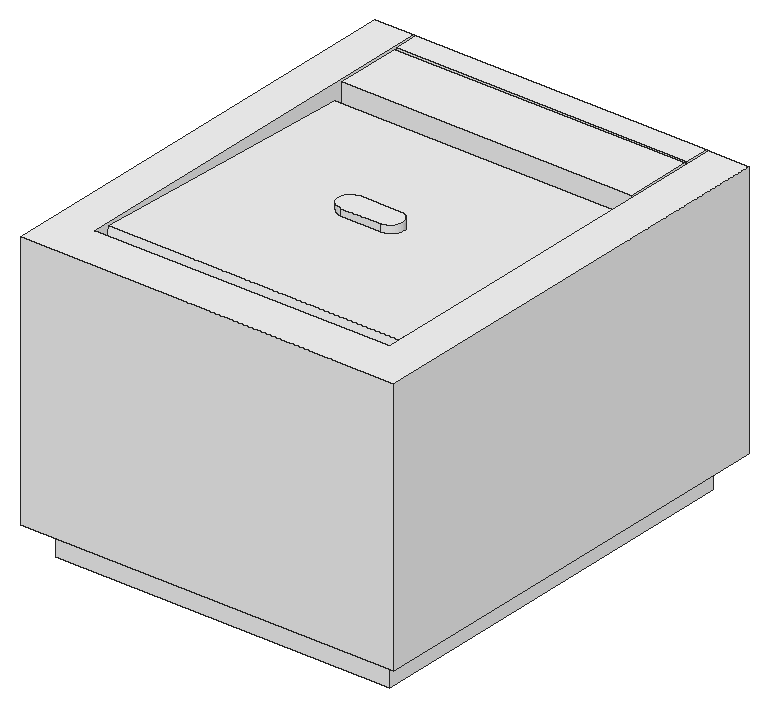
Revit family "Gira_015230", category Electrical Fixtures, host Face, Revit 2017
Family settings
  Host = Face
  Maintain Annotation Orientation = Yes
  Round Connector Dimension = Use Diameter
  Part Type = Normal
  Cut with Voids When Loaded = No
  Shared = No
  Room Calculation Point = No
Parameters (values of type "Wipptaster Schließer sMK BSF WG AP Grau")
  Zusammenstellung = "Basiselement mit Komplettgehäuse"
  White [instance] = White
  Werkstoffgüte = "sonstige"
  Werkstoff = "sonstige"
  URL = "http://katalog.gira.de/de_DE/datenblatt.html?artikelnr=015230"
  Transparent = "No"
  Textfeld/Beschriftungsfläche = "No"
  Rückmeldekontakt = "Yes"
  Region = "DE"
  Oberfläche = "sonstige"
  Nennspannung = "250 Volt"
  Name = "Wipptaster Schließer sMK BSF WG AP Grau"
  Montageart = "auf Putz"
  Mit Beleuchtung = "No"
  Manufacturer URL = "https://www.gira.de/"
  Kontakte = "1 Schließer"
  HeinzeBIM = "https://bimportal.heinze.de/bim/wipptaster-schliesser-smk-bsf-wg-ap-grau/329170ea7785cbead1710d089d11a5d5d2393a49"
  Halogenfrei = "No"
  HAN = "015230"
  Geeignet für Schutzart (IP) = "IP44"
  GTIN = "4010337152309"
  Farbe = "grau"
  Default Elevation = 1219.2 mm
  Data sheet (1) = "https://katalog.gira.de/de_DE/download.html?artikelnr=015230"
  Category = "Taster"
  Bemessungsstrom = "10 Ampere"
  Bedienungsart = "Wippe"
  Available = "Yes"
  Ausführung = "Einzeltaster"
  Aufdruck = "ohne"
  Anzahl der Betätigungswippen = "1 "
Reference planes
  plane 1 "Center (Front/Back)": y = 0
  plane 2: z = 0
  plane 3 "Center (Left/Right)": x = 0
  plane 4: x = 30
  plane 5: x = -30
  plane 6: z = 41.4
Forms (mm)
  Extrusion 1, solid, material "White" <- "White", detail levels medium+fine
    sketch origin (0, 0, 0) x (1, 0, 0) y (0, 1, 0)
      loop
        line (-34, 41) -> (-34, -41) -> (34, -41) -> (34, 41) -> (-34, 41)
    from 0 to -6.2
  Extrusion 2, solid, material "White" <- "White", detail levels medium+fine
    sketch origin (0, 0, 0) x (1, 0, 0) y (0, 1, 0)
      loop
        line (-38, 45) -> (-38, -45) -> (38, -45) -> (38, 45) -> (-38, 45)
    from 0 to 52.4
  Extrusion 3, void
    sketch origin (0, 0, 0) x (1, 0, 0) y (0, 0, 1)
      loop
        line (-30, 59.413) -> (-30, 41.4) -> (30, 41.4) -> (30, 59.413) -> (-30, 59.413)
    from 36 to -113.06
  Extrusion 4, solid, material "White" <- "White", detail levels medium
    sketch origin (225, 0, 0) x (1, 0, 0) y (0, 1, 0)
      loop
        line (-254.5, 44.5) -> (-254.5, -35.5) -> (-195.5, -35.5) -> (-195.5, 44.5) -> (-254.5, 44.5)
    from 41.4 to 52.4
  Extrusion 5, solid, material "White" <- "White", detail levels fine
    sketch origin (0, 0, 0) x (1, 0, 0) y (0, 1, 0)
      loop
        line (-29.5, 45) -> (-29.5, 40) -> (29.5, 40) -> (29.5, 45) -> (-29.5, 45)
    from 41.4 to 52.4
  Extrusion 6, solid, material "White" <- "White", detail levels fine
    sketch origin (0, 0, 0) x (1, 0, 0) y (0, 1, 0)
      loop
        line (29.5, 39.5) -> (-29.5, 39.5) -> (-29.5, 26) -> (29.5, 26) -> (29.5, 39.5)
    from 41.4 to 52.4
  Extrusion 7, solid, material "White" <- "White", detail levels fine
    sketch origin (0, 0, 0) x (1, 0, 0) y (0, 1, 0)
      loop
        arc (-4, -1) -> (-6.5, -3.5) -> (-4, -6) r 2.5
        line (-4, -6) -> (4, -6)
        arc (4, -6) -> (6.5, -3.5) -> (4, -1) r 2.5
        line (4, -1) -> (-4, -1)
    from 41.4 to 52.4
  Extrusion 8, solid, material "White" <- "White", detail levels coarse
    sketch origin (0, 0, 0) x (1, 0, 0) y (0, 1, 0)
      loop
        line (-38, 46) -> (-38, -45) -> (38, -45) -> (38, 46) -> (-38, 46)
    from -6.2 to 52.4
  Extrusion 9, solid, material "White" <- "White", detail levels medium+fine
    sketch origin (0, 0, 0) x (1, 0, 0) y (0, 0, 1)
      loop
        circle (0, 14) r 3.6
    from -46 to -45
  Extrusion 10, solid, material "White" <- "White", detail levels fine
    sketch origin (0, 0, 0) x (0, 1, 0) y (0, 0, 1)
      loop
        line (-36, 41.4) -> (26, 41.4) -> (24.38, 49.736) -> (-33.115, 52.169) -> (-36, 41.4)
    from -29.5 to 29.5
Cuts and joins
  Extrusion 3 cuts Extrusion 2
Dimensions and locks
  aligned and locked: plane 2 to host face
  aligned and locked: level to host face
  aligned and locked: plane 3 "Center (Left/Right)" to nested 1
  aligned and locked: plane 1 "Center (Front/Back)" to nested 1
Nested families
  nested 1: "Schalter" at (0, 0, 0), type "Schalter"
Connectors
  electrical at (0, 0, -6.2)
    settings: on Extrusion 1, index 1, voltage 224 V, apparent load 0 VA, apparent load phase1 0 VA, apparent load phase2 0 VA, apparent load phase3 0 VA, power factor 1, load classification "Other", number of poles 1, system type 30, power factor state 1, is connector primary yes, connector utility no, sub classification motor no, connector description ""
Definition of nested family "Schalter"
  Reference planes
    plane 1: y = 0
    plane 2: x = 0
  Lines and regions (mm)
    detail lines
      curve 1: circle (1.375, 2.778, 0) r 0.8 normal (0, 0, 1)
      curve 2: line (1.021, 2.061, 0) -> (0, 0, 0)
      curve 3: line (0, 0, 0) -> (-0.538, 0.266, 0)
  Dimensions and locks
    curve 2 to curve 2 = 2.3 mm
    curve 3 to curve 2 = 0.6 mm
    radius of curve 1 = 0.8 mm
